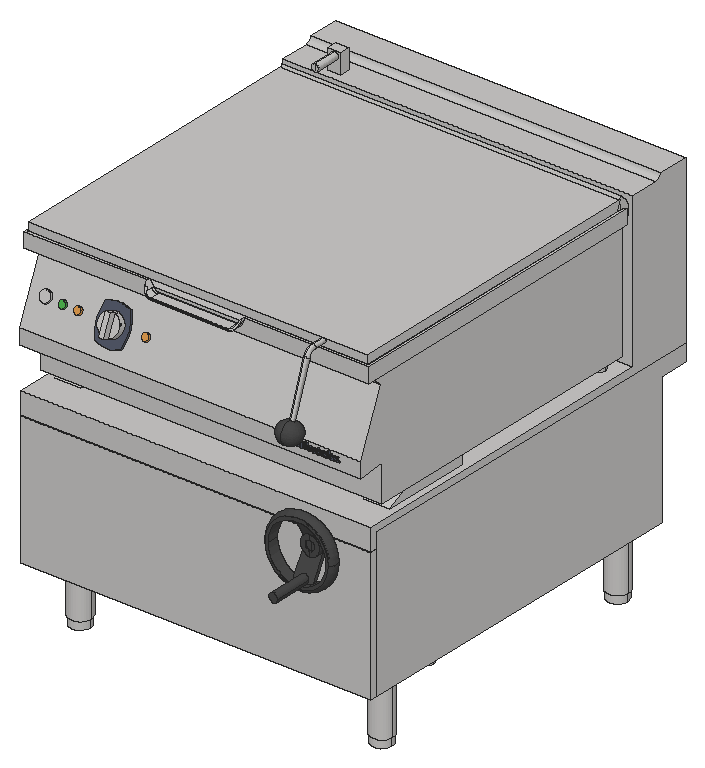
Revit family "QF_ELECTROLUXPROFESSIONAL_391136_E9BRGHDOF0", category Specialty Equipment, Revit 2018 (continued)
Automatic sketch dimensions
  Extrusion 36 sketch curve to Extrusion 36 sketch curve = 11 mm
  Extrusion 36 sketch curve to Extrusion 36 sketch curve = 6.539 mm
  Sweep 37 sketch curve to plane 8 "Center X" = 20.462 mm
  Sweep 37 sketch curve to plane 11 = 28.458 mm
  Sweep 37 sketch curve to Sweep 37 sketch curve = 41.037 mm
  Sweep 37 sketch curve to Sweep 37 sketch curve = 18.794 mm
  Sweep 37 sketch curve to Sweep 37 sketch curve = 28.354 mm
  Sweep 37 sketch curve to Sweep 37 sketch curve = 105.908 mm
  Sweep 37 sketch curve to Sweep 37 sketch curve = 6.84 mm
  Sweep 37 sketch curve to profile plane = 0 mm
  profile plane to Sweep 37 sketch curve = 676.16 mm
  Revolve 38 sketch curve to plane 11 = 23.591 mm
  Revolve 38 sketch curve to plane 8 "Center X" = 65.198 mm
  Revolve 38 sketch curve to Revolve 38 sketch curve = 0 mm  (x4)
  Revolve 38 sketch curve to Revolve 38 sketch curve = 4.229 mm
  Revolve 38 sketch curve to Revolve 38 sketch curve = 3.746 mm
  Revolve 38 sketch curve to Revolve 38 sketch curve = 7.415 mm
  Revolve 38 sketch curve to Revolve 38 sketch curve = 22.45 mm
  plane 17 to Extrusion 39 sketch curve = 36.285 mm
  plane 10 to Extrusion 39 sketch curve = 115.505 mm
  Extrusion 39 sketch curve to Extrusion 39 sketch curve = 5.041 mm
  Extrusion 39 sketch curve to Extrusion 39 sketch curve = 5.06 mm
  Extrusion 39 sketch curve to Extrusion 39 sketch curve = 0 mm  (x28)
  Extrusion 39 sketch curve to Extrusion 39 sketch curve = 5.108 mm  (x2)
  Extrusion 39 sketch curve to Extrusion 39 sketch curve = 0.054 mm
  Extrusion 39 sketch curve to Extrusion 39 sketch curve = 0.218 mm
  Extrusion 39 sketch curve to Extrusion 39 sketch curve = 0.195 mm
  Extrusion 39 sketch curve to Extrusion 39 sketch curve = 0.249 mm
  Extrusion 39 sketch curve to Extrusion 39 sketch curve = 0.316 mm
  Extrusion 39 sketch curve to Extrusion 39 sketch curve = 0.087 mm
  Extrusion 39 sketch curve to Extrusion 39 sketch curve = 0.358 mm
  Extrusion 39 sketch curve to Extrusion 39 sketch curve = 0.481 mm
  Extrusion 39 sketch curve to Extrusion 39 sketch curve = 0.597 mm
  Extrusion 39 sketch curve to Extrusion 39 sketch curve = 0.544 mm
  Extrusion 39 sketch curve to Extrusion 39 sketch curve = 0.936 mm
  Extrusion 39 sketch curve to Extrusion 39 sketch curve = 0.594 mm
  Extrusion 39 sketch curve to Extrusion 39 sketch curve = 0.343 mm
  Extrusion 39 sketch curve to Extrusion 39 sketch curve = 0.159 mm
  Extrusion 39 sketch curve to Extrusion 39 sketch curve = 0.826 mm
  Extrusion 39 sketch curve to Extrusion 39 sketch curve = 0.839 mm
  Extrusion 39 sketch curve to Extrusion 39 sketch curve = 0.852 mm
  Extrusion 39 sketch curve to Extrusion 39 sketch curve = 0.887 mm
  Extrusion 39 sketch curve to Extrusion 39 sketch curve = 0.928 mm
  Extrusion 39 sketch curve to Extrusion 39 sketch curve = 0.938 mm
  Extrusion 39 sketch curve to Extrusion 39 sketch curve = 0.444 mm
  Extrusion 39 sketch curve to Extrusion 39 sketch curve = 1.11 mm  (x3)
  plane 17 to Extrusion 39 sketch curve = 13.851 mm
  Extrusion 39 sketch curve to Extrusion 39 sketch curve = 0.215 mm
  Extrusion 39 sketch curve to Extrusion 39 sketch curve = 1.43 mm
  Extrusion 39 sketch curve to Extrusion 39 sketch curve = 1.188 mm
  Extrusion 39 sketch curve to Extrusion 39 sketch curve = 1.21 mm  (x2)
  Extrusion 39 sketch curve to Extrusion 39 sketch curve = 0.503 mm
  plane 17 to Extrusion 39 sketch curve = 8.582 mm
  Extrusion 39 sketch curve to Extrusion 39 sketch curve = 0.488 mm
  plane 17 to Extrusion 39 sketch curve = 4.655 mm
  Extrusion 39 sketch curve to Extrusion 39 sketch curve = 0.462 mm
  Extrusion 39 sketch curve to Extrusion 39 sketch curve = 1.386 mm
  Extrusion 39 sketch curve to Extrusion 39 sketch curve = 1.742 mm
  Extrusion 39 sketch curve to Extrusion 39 sketch curve = 0.821 mm
  Extrusion 39 sketch curve to Extrusion 39 sketch curve = 0.497 mm
  Extrusion 39 sketch curve to Extrusion 39 sketch curve = 0.539 mm
  Extrusion 39 sketch curve to Extrusion 39 sketch curve = 0.686 mm
  Extrusion 39 sketch curve to Extrusion 39 sketch curve = 0.408 mm
  Extrusion 39 sketch curve to Extrusion 39 sketch curve = 0.528 mm
  Extrusion 39 sketch curve to Extrusion 39 sketch curve = 1.16 mm
  Extrusion 39 sketch curve to Extrusion 39 sketch curve = 0.329 mm
  Extrusion 39 sketch curve to Extrusion 39 sketch curve = 1.054 mm
  Extrusion 39 sketch curve to Extrusion 39 sketch curve = 1.056 mm
  Extrusion 39 sketch curve to Extrusion 39 sketch curve = 0.129 mm
  Extrusion 39 sketch curve to Extrusion 39 sketch curve = 0.489 mm
  Extrusion 39 sketch curve to Extrusion 39 sketch curve = 0.441 mm
  Extrusion 39 sketch curve to Extrusion 39 sketch curve = 1.151 mm
  Extrusion 39 sketch curve to Extrusion 39 sketch curve = 1.141 mm  (x2)
  Extrusion 39 sketch curve to Extrusion 39 sketch curve = 0.768 mm
  Extrusion 39 sketch curve to Extrusion 39 sketch curve = 1.653 mm
  Extrusion 39 sketch curve to Extrusion 39 sketch curve = 0.499 mm
  Extrusion 39 sketch curve to Extrusion 39 sketch curve = 0.964 mm
  Extrusion 39 sketch curve to Extrusion 39 sketch curve = 0.949 mm
  Extrusion 39 sketch curve to Extrusion 39 sketch curve = 1.345 mm  (x3)
  Extrusion 39 sketch curve to Extrusion 39 sketch curve = 1.101 mm
  Extrusion 39 sketch curve to Extrusion 39 sketch curve = 0.432 mm
  Extrusion 39 sketch curve to Extrusion 39 sketch curve = 1.142 mm
  Extrusion 39 sketch curve to Extrusion 39 sketch curve = 0.959 mm
  Extrusion 39 sketch curve to Extrusion 39 sketch curve = 0.176 mm
  Extrusion 39 sketch curve to Extrusion 39 sketch curve = 0.728 mm
  Extrusion 39 sketch curve to Extrusion 39 sketch curve = 3.375 mm  (x2)
  Extrusion 39 sketch curve to Extrusion 39 sketch curve = 0.541 mm
  Extrusion 39 sketch curve to Extrusion 39 sketch curve = 0.955 mm
  Extrusion 39 sketch curve to Extrusion 39 sketch curve = 1.251 mm
  Extrusion 39 sketch curve to Extrusion 39 sketch curve = 0.572 mm
  plane 17 to Extrusion 39 sketch curve = 9.958 mm
  Extrusion 39 sketch curve to Extrusion 39 sketch curve = 1.92 mm
  Extrusion 39 sketch curve to Extrusion 39 sketch curve = 1.224 mm
  Extrusion 39 sketch curve to Extrusion 39 sketch curve = 0.745 mm
  Extrusion 39 sketch curve to Extrusion 39 sketch curve = 2.537 mm
  Extrusion 39 sketch curve to Extrusion 39 sketch curve = 0.896 mm  (x3)
  Extrusion 39 sketch curve to Extrusion 39 sketch curve = 0.036 mm
  Extrusion 39 sketch curve to Extrusion 39 sketch curve = 2.607 mm
  Extrusion 39 sketch curve to Extrusion 39 sketch curve = 0.066 mm
  Extrusion 39 sketch curve to Extrusion 39 sketch curve = 0.248 mm
  Extrusion 39 sketch curve to Extrusion 39 sketch curve = 0.449 mm
  plane 17 to Extrusion 39 sketch curve = 10.739 mm
  Extrusion 39 sketch curve to Extrusion 39 sketch curve = 1.052 mm
  Extrusion 39 sketch curve to Extrusion 39 sketch curve = 1.863 mm
  Extrusion 39 sketch curve to Extrusion 39 sketch curve = 1.31 mm  (x2)
  Extrusion 39 sketch curve to Extrusion 39 sketch curve = 0.901 mm
  Extrusion 39 sketch curve to Extrusion 39 sketch curve = 1.107 mm
  Extrusion 39 sketch curve to Extrusion 39 sketch curve = 2.122 mm
  Extrusion 39 sketch curve to Extrusion 39 sketch curve = 2.101 mm
  Extrusion 39 sketch curve to Extrusion 39 sketch curve = 0.106 mm
  Extrusion 39 sketch curve to Extrusion 39 sketch curve = 0.029 mm
  plane 17 to Extrusion 39 sketch curve = 7.936 mm
  Extrusion 39 sketch curve to Extrusion 39 sketch curve = 2.09 mm
  Extrusion 39 sketch curve to Extrusion 39 sketch curve = 1.279 mm
  Extrusion 39 sketch curve to Extrusion 39 sketch curve = 2.008 mm
  Extrusion 39 sketch curve to Extrusion 39 sketch curve = 0.738 mm
  Extrusion 39 sketch curve to Extrusion 39 sketch curve = 0.382 mm
  Extrusion 39 sketch curve to Extrusion 39 sketch curve = 0.384 mm
  Extrusion 39 sketch curve to Extrusion 39 sketch curve = 0.002 mm
  Extrusion 39 sketch curve to Extrusion 39 sketch curve = 0.561 mm
  Extrusion 39 sketch curve to Extrusion 39 sketch curve = 0.592 mm
  Extrusion 39 sketch curve to Extrusion 39 sketch curve = 2.692 mm
  Extrusion 39 sketch curve to Extrusion 39 sketch curve = 1.259 mm
  plane 17 to Extrusion 39 sketch curve = 8.718 mm
  Extrusion 39 sketch curve to Extrusion 39 sketch curve = 0.802 mm
  Extrusion 39 sketch curve to Extrusion 39 sketch curve = 1.024 mm  (x2)
  Extrusion 39 sketch curve to Extrusion 39 sketch curve = 0.682 mm
  Extrusion 39 sketch curve to Extrusion 39 sketch curve = 5.934 mm
  Extrusion 39 sketch curve to Extrusion 39 sketch curve = 2.186 mm
  Extrusion 39 sketch curve to Extrusion 39 sketch curve = 0.337 mm
  Extrusion 39 sketch curve to Extrusion 39 sketch curve = 0.021 mm
  Extrusion 39 sketch curve to Extrusion 39 sketch curve = 1.005 mm
  Extrusion 39 sketch curve to Extrusion 39 sketch curve = 0.552 mm
  Extrusion 39 sketch curve to Extrusion 39 sketch curve = 0.778 mm
  Extrusion 39 sketch curve to Extrusion 39 sketch curve = 0.063 mm
  Extrusion 39 sketch curve to Extrusion 39 sketch curve = 1.023 mm
  Extrusion 39 sketch curve to Extrusion 39 sketch curve = 3.804 mm
  Extrusion 39 sketch curve to Extrusion 39 sketch curve = 0.486 mm
  Extrusion 39 sketch curve to Extrusion 39 sketch curve = 0.266 mm
  Extrusion 39 sketch curve to Extrusion 39 sketch curve = 1.547 mm
  Extrusion 39 sketch curve to Extrusion 39 sketch curve = 0.717 mm  (x2)
  Extrusion 39 sketch curve to Extrusion 39 sketch curve = 1.667 mm
  plane 17 to Extrusion 39 sketch curve = 13.045 mm
  Extrusion 39 sketch curve to Extrusion 39 sketch curve = 3.174 mm
  Extrusion 39 sketch curve to Extrusion 39 sketch curve = 0.388 mm
  Extrusion 39 sketch curve to Extrusion 39 sketch curve = 1.342 mm
  plane 17 to Extrusion 39 sketch curve = 7.442 mm
  Extrusion 39 sketch curve to Extrusion 39 sketch curve = 1.521 mm
  plane 17 to Extrusion 39 sketch curve = 5.883 mm
  Extrusion 39 sketch curve to Extrusion 39 sketch curve = 0.124 mm
  Extrusion 39 sketch curve to Extrusion 39 sketch curve = 0.291 mm
  plane 17 to Extrusion 39 sketch curve = 50.292 mm
  Extrusion 39 sketch curve to Extrusion 39 sketch curve = 1.049 mm  (x2)
  plane 17 to Extrusion 39 sketch curve = 9.909 mm
  Extrusion 39 sketch curve to Extrusion 39 sketch curve = 1.7 mm
  Extrusion 39 sketch curve to Extrusion 39 sketch curve = 0.894 mm
  Extrusion 39 sketch curve to Extrusion 39 sketch curve = 0.989 mm
  Extrusion 39 sketch curve to Extrusion 39 sketch curve = 1.168 mm
  Extrusion 39 sketch curve to Extrusion 39 sketch curve = 1.594 mm
  Extrusion 39 sketch curve to Extrusion 39 sketch curve = 0.731 mm
  Extrusion 39 sketch curve to Extrusion 39 sketch curve = 1.566 mm
  Extrusion 39 sketch curve to Extrusion 39 sketch curve = 0.064 mm
  plane 17 to Extrusion 39 sketch curve = 49.735 mm
  Extrusion 39 sketch curve to Extrusion 39 sketch curve = 0.556 mm
  Extrusion 39 sketch curve to Extrusion 39 sketch curve = 0.48 mm
  Extrusion 39 sketch curve to Extrusion 39 sketch curve = 1.018 mm
  plane 17 to Extrusion 39 sketch curve = 20.148 mm
  Extrusion 39 sketch curve to Extrusion 39 sketch curve = 0.787 mm
  Extrusion 39 sketch curve to Extrusion 39 sketch curve = 0.618 mm
  plane 17 to Extrusion 39 sketch curve = 15.091 mm
  Extrusion 39 sketch curve to Extrusion 39 sketch curve = 1.672 mm
  plane 17 to Extrusion 39 sketch curve = 4.14 mm
  Extrusion 39 sketch curve to Extrusion 39 sketch curve = 1.361 mm
  Extrusion 39 sketch curve to Extrusion 39 sketch curve = 0.822 mm
  Extrusion 39 sketch curve to Extrusion 39 sketch curve = 0.069 mm
  Extrusion 39 sketch curve to Extrusion 39 sketch curve = 1.88 mm
  plane 17 to Extrusion 39 sketch curve = 22.307 mm
  Extrusion 39 sketch curve to Extrusion 39 sketch curve = 0.42 mm
  Extrusion 39 sketch curve to Extrusion 39 sketch curve = 0.062 mm
  Extrusion 39 sketch curve to Extrusion 39 sketch curve = 1.355 mm
  Extrusion 39 sketch curve to Extrusion 39 sketch curve = 2.34 mm
  Extrusion 39 sketch curve to Extrusion 39 sketch curve = 0.493 mm
  Extrusion 39 sketch curve to Extrusion 39 sketch curve = 0.136 mm
  Extrusion 39 sketch curve to Extrusion 39 sketch curve = 0.128 mm
  Extrusion 39 sketch curve to Extrusion 39 sketch curve = 3.616 mm
  Extrusion 39 sketch curve to Extrusion 39 sketch curve = 4.207 mm
  Extrusion 39 sketch curve to Extrusion 39 sketch curve = 0.183 mm
  Extrusion 39 sketch curve to Extrusion 39 sketch curve = 0.895 mm
  Extrusion 39 sketch curve to Extrusion 39 sketch curve = 1.314 mm
  Extrusion 39 sketch curve to Extrusion 39 sketch curve = 3.231 mm
  Extrusion 39 sketch curve to Extrusion 39 sketch curve = 1.299 mm
  Extrusion 39 sketch curve to Extrusion 39 sketch curve = 1.214 mm
  plane 17 to Extrusion 39 sketch curve = 31.208 mm
  Extrusion 39 sketch curve to Extrusion 39 sketch curve = 1.264 mm
  Extrusion 39 sketch curve to Extrusion 39 sketch curve = 0.109 mm
  Extrusion 39 sketch curve to Extrusion 39 sketch curve = 0.357 mm
  Extrusion 39 sketch curve to Extrusion 39 sketch curve = 0.565 mm
  Extrusion 39 sketch curve to Extrusion 39 sketch curve = 2.504 mm
  Extrusion 39 sketch curve to Extrusion 39 sketch curve = 2.459 mm
  Extrusion 39 sketch curve to Extrusion 39 sketch curve = 0.983 mm
  Extrusion 39 sketch curve to Extrusion 39 sketch curve = 0.422 mm  (x2)
  Extrusion 39 sketch curve to Extrusion 39 sketch curve = 1.268 mm
  Extrusion 39 sketch curve to Extrusion 39 sketch curve = 0.671 mm
  Extrusion 39 sketch curve to Extrusion 39 sketch curve = 1.634 mm
  Extrusion 39 sketch curve to Extrusion 39 sketch curve = 0.132 mm
  Extrusion 39 sketch curve to Extrusion 39 sketch curve = 0.586 mm
  Extrusion 39 sketch curve to Extrusion 39 sketch curve = 1.241 mm
  Extrusion 39 sketch curve to Extrusion 39 sketch curve = 1.689 mm
  Extrusion 39 sketch curve to Extrusion 39 sketch curve = 0.627 mm
  Extrusion 39 sketch curve to Extrusion 39 sketch curve = 0.419 mm
  Extrusion 39 sketch curve to Extrusion 39 sketch curve = 1.514 mm
  Extrusion 39 sketch curve to Extrusion 39 sketch curve = 1.019 mm
  Extrusion 39 sketch curve to Extrusion 39 sketch curve = 0.065 mm
  Extrusion 39 sketch curve to Extrusion 39 sketch curve = 1.215 mm
  Extrusion 39 sketch curve to Extrusion 39 sketch curve = 1.122 mm
  Extrusion 39 sketch curve to Extrusion 39 sketch curve = 1.153 mm
  Extrusion 39 sketch curve to Extrusion 39 sketch curve = 1.223 mm
  Extrusion 39 sketch curve to Extrusion 39 sketch curve = 0.934 mm
  Extrusion 39 sketch curve to Extrusion 39 sketch curve = 3.376 mm
  Extrusion 39 sketch curve to Extrusion 39 sketch curve = 0.222 mm
  Extrusion 39 sketch curve to Extrusion 39 sketch curve = 1.383 mm
  Extrusion 39 sketch curve to Extrusion 39 sketch curve = 1.556 mm
  Extrusion 39 sketch curve to Extrusion 39 sketch curve = 2.559 mm
  Extrusion 39 sketch curve to Extrusion 39 sketch curve = 2.51 mm
  Extrusion 39 sketch curve to Extrusion 39 sketch curve = 0.131 mm
  Extrusion 39 sketch curve to Extrusion 39 sketch curve = 1.134 mm
  Extrusion 39 sketch curve to Extrusion 39 sketch curve = 0.366 mm
  Extrusion 39 sketch curve to Extrusion 39 sketch curve = 0.094 mm
  Extrusion 39 sketch curve to Extrusion 39 sketch curve = 1.584 mm
  Extrusion 39 sketch curve to Extrusion 39 sketch curve = 1.501 mm
  Extrusion 39 sketch curve to Extrusion 39 sketch curve = 0.27 mm
  Extrusion 39 sketch curve to Extrusion 39 sketch curve = 1.808 mm
  Extrusion 39 sketch curve to Extrusion 39 sketch curve = 0.643 mm
  Extrusion 39 sketch curve to Extrusion 39 sketch curve = 0.916 mm
  Extrusion 39 sketch curve to Extrusion 39 sketch curve = 0.352 mm
  Extrusion 39 sketch curve to Extrusion 39 sketch curve = 0.458 mm
  Extrusion 39 sketch curve to Extrusion 39 sketch curve = 1.282 mm
  Extrusion 39 sketch curve to Extrusion 39 sketch curve = 1.363 mm
  Extrusion 39 sketch curve to Extrusion 39 sketch curve = 0.685 mm
  Extrusion 39 sketch curve to Extrusion 39 sketch curve = 0.905 mm
  Extrusion 39 sketch curve to Extrusion 39 sketch curve = 2.865 mm
  Extrusion 39 sketch curve to Extrusion 39 sketch curve = 0.472 mm
  Extrusion 39 sketch curve to Extrusion 39 sketch curve = 0.101 mm
  Extrusion 39 sketch curve to Extrusion 39 sketch curve = 0.54 mm
  Extrusion 39 sketch curve to Extrusion 39 sketch curve = 0.02 mm
  Extrusion 39 sketch curve to Extrusion 39 sketch curve = 0.468 mm
  Extrusion 39 sketch curve to Extrusion 39 sketch curve = 0.829 mm
  Extrusion 39 sketch curve to Extrusion 39 sketch curve = 0.582 mm
  Extrusion 39 sketch curve to Extrusion 39 sketch curve = 0.166 mm
  Extrusion 39 sketch curve to Extrusion 39 sketch curve = 0.16 mm
  Extrusion 39 sketch curve to Extrusion 39 sketch curve = 2.781 mm
  Extrusion 39 sketch curve to Extrusion 39 sketch curve = 1.118 mm
  Extrusion 39 sketch curve to Extrusion 39 sketch curve = 0.613 mm
  Extrusion 39 sketch curve to Extrusion 39 sketch curve = 0.781 mm
  Extrusion 39 sketch curve to Extrusion 39 sketch curve = 0.361 mm
  Extrusion 39 sketch curve to Extrusion 39 sketch curve = 0.897 mm
  Extrusion 39 sketch curve to Extrusion 39 sketch curve = 0.167 mm
  Extrusion 39 sketch curve to Extrusion 39 sketch curve = 0.292 mm
  Extrusion 39 sketch curve to Extrusion 39 sketch curve = 0.305 mm
  Extrusion 39 sketch curve to Extrusion 39 sketch curve = 1.557 mm
  Extrusion 39 sketch curve to Extrusion 39 sketch curve = 2.499 mm
  Extrusion 39 sketch curve to Extrusion 39 sketch curve = 3.062 mm
  Extrusion 39 sketch curve to Extrusion 39 sketch curve = 2.968 mm
  Extrusion 39 sketch curve to Extrusion 39 sketch curve = 5.044 mm
  Extrusion 39 sketch curve to Extrusion 39 sketch curve = 0.629 mm  (x2)
  Extrusion 39 sketch curve to Extrusion 39 sketch curve = 1.131 mm
  Extrusion 39 sketch curve to Extrusion 39 sketch curve = 0.137 mm
  Extrusion 39 sketch curve to Extrusion 39 sketch curve = 0.027 mm
  Extrusion 39 sketch curve to Extrusion 39 sketch curve = 2.046 mm
  Extrusion 39 sketch curve to Extrusion 39 sketch curve = 2.235 mm
  Extrusion 40 sketch curve to plane 21 = 53.641 mm
  plane 7 "Center Y" to Extrusion 40 sketch curve = 110 mm
  Extrusion 40 sketch curve to plane 21 = 32.378 mm
  Extrusion 40 sketch curve to Extrusion 40 sketch curve = 7.323 mm
  Extrusion 40 sketch curve to Extrusion 40 sketch curve = 14.203 mm
  Extrusion 40 sketch curve to plane 24 = 46.526 mm
  Extrusion 40 sketch curve to Extrusion 40 sketch curve = 14.214 mm
  Extrusion 40 sketch curve to Extrusion 40 sketch curve = 7.316 mm
  Extrusion 40 sketch curve to Extrusion 40 sketch curve = 21.27 mm
  Extrusion 40 sketch curve to Extrusion 40 sketch curve = 8.2 mm
  Extrusion 40 sketch curve to Extrusion 40 sketch curve = 12.672 mm
  Extrusion 40 sketch curve to Extrusion 40 sketch curve = 12.685 mm
  radius of Extrusion 8 sketch curve = 15 mm  (x2)
  radius of Sweep 15 sketch curve = 5 mm
  radius of Extrusion 17 sketch curve = 12.7 mm
  radius of Extrusion 18 sketch curve = 30 mm
  radius of Extrusion 20 sketch curve = 6.35 mm
  radius of Extrusion 21 sketch curve = 6.35 mm
  radius of Extrusion 22 sketch curve = 6.35 mm
  radius of Sweep 24 sketch curve = 80 mm
  radius of Extrusion 26 sketch curve = 10 mm
  radius of Extrusion 30 sketch curve = 8 mm
  radius of Extrusion 31 sketch curve = 8 mm
  radius of Extrusion 32 sketch curve = 25.4 mm
  radius of Extrusion 33 sketch curve to Extrusion 32 = 0 mm  (x2)
  radius of Extrusion 34 sketch curve = 12.7 mm
  radius of Extrusion 35 sketch curve = 8 mm
  radius of Sweep 37 sketch curve = 5 mm
Connectors
  piping at (105, -706, 182), diameter 12.8
    settings: on Extrusion 20, index 1, connector inside diameter 0.50394", connector length 0 mm, flow factor 0, pipe flow 0 GPM, pressure drop 0.00 psi, fitting loss kfactor 0, connector angle 0.00°, fixture units 0, engagement length 0 mm, angle of deflection 0.00°, flow configuration 1, flow direction 1, fitting loss method 0, system type 7, joint type 0, gender type 0, connector reference index -1, connector utility 0, adjustable connector no, is connector primary yes, connector description "GAS CONNECTION"
  piping at (195, -698, 182), diameter 19
    settings: on Extrusion 21, index 2, connector inside diameter 0.74803", connector length 0 mm, flow factor 0, pipe flow 0 GPM, pressure drop 0.00 psi, fitting loss kfactor 0, connector angle 0.00°, fixture units 0, engagement length 0 mm, angle of deflection 0.00°, flow configuration 1, flow direction 1, fitting loss method 0, system type 20, joint type 0, gender type 0, connector reference index -1, connector utility 0, adjustable connector no, is connector primary no, connector description "COLD WATER INLET"
  electrical at (265, -706, 182), driven by "Volts", driven by "Watts"
    settings: on Extrusion 22, index 3, voltage 230 V, apparent load 250 VA, apparent load phase1 0 VA, apparent load phase2 0 VA, apparent load phase3 0 VA, power factor 1, load classification "Other", number of poles 1, system type 30, power factor state 1, is connector primary yes, connector utility no, sub classification motor no, connector description "ELECTRICAL CONNECTION"
